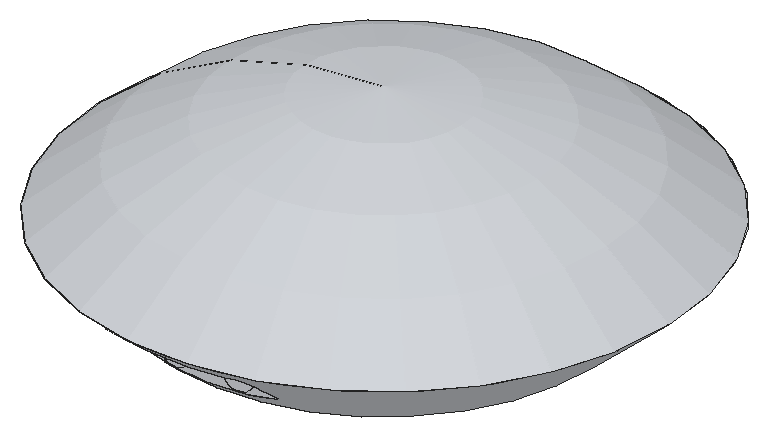
Revit family "0049005 Sylvania Lighting Fixture Start Surface IP66 1500lm 840 MW IK10 WHT", category Lighting Fixtures, host Face, Revit 2016
Family settings
  Host = Face
  Part Type = Normal
  Round Connector Dimension = Use Diameter
  OmniClass Number = 23.80.70.00
  OmniClass Title = Lighting
  Cut with Voids When Loaded = No
  Light Source = Yes
  Shared = No
  Room Calculation Point = No
Parameters (values of type "Type Name")
  power entry width = 90 mm
  power entry height = 28 mm
  power connector height = 12.5 mm
  power connector centres = 39 mm
  height = 110 mm
  connector position 2 = 40 mm
  connector length = 2 mm
  base height = 40 mm
  backplate diameter = 256 mm
  Weight = ""
  Wattage Comments = ""
  Wattage = 9.2903 W
  WarrantyStartDate [instance] = "n/a"
  WarrantyGuarantorParts = "n/a"
  WarrantyDurationUnit = "n/a"
  WarrantyDurationParts = "n/a"
  WarrantyDescription = "n/a"
  built-in parameter 1150110 = 1 (stored number, unit not read)
  Voltage = 0 V
  URL = "http://www.feilosylvania.com"
  TypeName = ""
  Type Image = <None>
  Type Comments = "n/a"
  Tube Diameter = 80 mm
  built-in parameter 1114217 = 1 (stored number, unit not read)
  Tilt Angle = 90.00°
  built-in parameter 1150109 = 1 (stored number, unit not read)
  built-in parameter 1150134 = 3
  built-in parameter 1150113 = 1 (stored number, unit not read)
  SerialNumber [instance] = "n/a"
  Photometric Web File = "0049004-300mA.ies"
  Material_3_FEILO = none
  PowerFactor = 0
  PowerConsumption = ""
  NominalLength = 0 mm
  NominalHeight = 0 mm
  NominalDepth = 0 mm
  Name = ""
  ModelReference = Name  # ""
  ModelNumber = ""
  Model = Name  # ""
  Material = ""
  ManufacturerName = "Feilo Sylvania"
  Manufacturer = "Feilo Sylvania"
  LuminousEfficacy = ""
  built-in parameter 1150105 = 109.82 (stored number, unit not read)
  Lumens = 1380 lm
  LuminaireType = ""
  built-in parameter 1150115 = 1 (stored number, unit not read)
  LightOutputRatio = ""
  built-in parameter 1150137 = (empty or 0)
  built-in parameter 1150139 = (empty or 0)
  LampsType = Lamp  # ""
  LampNominalLuminous = ""
  LampMacAdamStep = ""
  LampColourTemperature = ""
  LampColourRenderingIndex = ""
  built-in parameter 1150112 = 1 (stored number, unit not read)
  built-in parameter 1150114 = 1 (stored number, unit not read)
  Lamp = ""
  Keynote = "16500"
  InstallationDate [instance] = "n/a"
  InputVoltage = ""
  InputNominalFrequency = ""
  built-in parameter 1150132 = (empty or 0)
  built-in parameter 1150102 = (empty or 0)
  built-in parameter 1150107 = 3200 (stored number, unit not read)
  built-in parameter 1150138 = (empty or 0)
  IngressProtection = ""
  ImpactProtectionIndex = ""
  built-in parameter 1150106 = 1.0982 (stored number, unit not read)
  IfcExportType = "IfcLightFixtureType"
  IfcExportAs = "IfcLightFixtureType"
  Height = 250 mm
  ExpectedLife = 50000
  Emit from Circle Diameter = 609.6 mm
  Emit Shape Visible in Rendering = no
  ElectricShockClassification = ""
  built-in parameter 1150104 = 13.8 (stored number, unit not read)
  DurationUnit = "hours"
  DocumentationLiterature = ""
  DimmingControlOptions = ""
  Material_2_FEILO = none
  Dimming Lamp Color Temperature Shift = <None>
  Diameter = 350 mm
  Description = ""
  Default Elevation = 1219.2 mm
  CreatedOn = ""
  CreatedBy = ""
  Cost = 0
  Color Filter = 16777215
  built-in parameter 1114216 [instance] = (empty or 0)
  ClassificationValue = "EF_70_80"
  ClassificationName = "Uniclass2015"
  Material_1_FEILO = none
  BarCode [instance] = "n/a"
  built-in parameter 1114218 = 1 (stored number, unit not read)
  built-in parameter 1150133 = 10 (stored number, unit not read)
  AssetType = ""
  AssetIdentifier [instance] = "n/a"
  Assembly Code = "D5020200"
  Apparent Load = 0 VA
  Material_4_FEILO = none
Reference planes
  plane 1 "Center (Front/Back)": y = 0
  plane 2: z = 0
  plane 3 "Center (Left/Right)": x = 0
  plane 4: z = 0
  plane 5: y = 128
  plane 6: y = -128
  plane 7: y = 175
  plane 8: y = -175
  plane 9: z = 40
  plane 10: z = 110
  plane 11: x = -45.686
  plane 12: x = 44.314
  plane 13: z = 5
  plane 14: z = 33
  plane 15: y = -135
  plane 16: x = 19.5
  plane 17: x = -19.5
  plane 18: z = 20.5
  plane 19: y = -137
  plane 20: y = 135
Forms (mm)
  Blend 1, solid, detail levels medium+fine
    base sketch origin (4.2, 0, 0) x (1, 0, 0) y (0, 1, 0)
      loop
        circle (-4.2, 0) r 128
    top sketch origin (4.2, 0, 0) x (1, 0, 0) y (0, 1, 0)
      loop
        circle (-4.2, 0) r 175
    from 0 to 40
  Revolve 2, solid, detail levels medium+fine
    sketch origin (0, 0, 0) x (1, 0, 0) y (0, 0, 1)
      loop
        arc (175, 40) -> (94.148, 91.621) -> (0, 110) r 257.018
        line (0, 110) -> (0, 40) -> (175, 40)
      axis (0, 110) -> (0, 40)
    angle from -180 to 179.914
  Extrusion 3, void
    sketch origin (0, 0, 0) x (1, 0, 0) y (0, 0, 1)
      loop
        line (-45.686, 25.025) -> (-45.686, 5) -> (44.314, 5) -> (44.314, 25.025)
        arc (44.314, 25.025) -> (42.644, 30.018) -> (38.304, 33) r 8.297
        line (38.304, 33) -> (-39.676, 33)
        arc (-39.676, 33) -> (-44.015, 30.018) -> (-45.686, 25.025) r 8.297
    from 135 to 166.869
  Extrusion 4, solid, detail levels fine
    sketch origin (1524, -324.9, 1219.2) x (1, 0, 0) y (0, 0, 1)
      loop
        circle (-1504.5, -1198.7) r 11
      loop
        circle (-1543.5, -1198.7) r 11
    from -189.9 to -187.9
  Extrusion 5, void
    sketch origin (-0.686, -5.131, 0) x (-1, 0, 0) y (0, 0, 1)
      loop
        line (-45.686, 25.025) -> (-45.686, 5) -> (44.314, 5) -> (44.314, 25.025)
        arc (44.314, 25.025) -> (42.644, 30.018) -> (38.304, 33) r 8.297
        line (38.304, 33) -> (-39.676, 33)
        arc (-39.676, 33) -> (-44.015, 30.018) -> (-45.686, 25.025) r 8.297
    from 140.131 to 175.131
  Extrusion 6, solid
    sketch origin (1524, -52.9, 1219.2) x (1, 0, 0) y (0, 0, 1)
      loop
        circle (-1504.5, -1198.7) r 11
      loop
        circle (-1543.5, -1198.7) r 11
    from -189.9 to -187.9
  Extrusion 7, solid, detail levels coarse
    sketch origin (0, 1219.2, 38) x (1, 0, 0) y (0, 1, 0)
      loop
        line (175.117, -1396.13) -> (175.117, -1044.2) -> (-175, -1044.2) -> (-175, -1396.13) -> (175.117, -1396.13)
    from -38 to 72
Cuts and joins
  Extrusion 3, Extrusion 5 cuts Blend 1
  Extrusion 5 cuts Extrusion 4
Dimensions and locks
  "backplate diameter": plane 5 to plane 6
  equal spacing: plane 5, plane 1 "Center (Front/Back)", plane 6
  "Diameter": plane 7 to plane 8
  equal spacing: plane 7, plane 1 "Center (Front/Back)", plane 8
  "base height": plane 9 to level
  "height": plane 10 to host face
  "power entry width": plane 12 to plane 11
  plane 12 to imposter light to plane 11 = 44.201 mm, 45.799 mm
  "power entry height": plane 14 to plane 13
  "power connector centres": plane 17 to plane 16
  equal spacing: plane 17, plane 3 "Center (Left/Right)", plane 16
  "power connector height": plane 18 to plane 14
  "connector length": plane 15 to plane 19
  "connector position 2": plane 7 to plane 20
  aligned and locked: plane 2 to host face
  aligned and locked: level to host face
  aligned and locked: plane 10 to Extrusion 7
Automatic sketch dimensions
  host sketch curve to host sketch curve = 2438.4 mm  (x2)
  plane 1 "Center (Front/Back)" to Blend 1 sketch curve = 0 mm  (x2)
  Blend 1 sketch curve to plane 3 "Center (Left/Right)" = 0 mm  (x2)
  Revolve 2 sketch curve to plane 3 "Center (Left/Right)" = 0 mm  (x2)
  Revolve 2 sketch curve to plane 9 = 0 mm
  Revolve 2 sketch curve to plane 10 = 0 mm
  Revolve 2 sketch curve to plane 3 "Center (Left/Right)" = 1.306 mm
  plane 3 "Center (Left/Right)" to Revolve 2 sketch curve = 175 mm
  Revolve 2 sketch curve to level = 47.821 mm
  Revolve 2 sketch curve to Revolve 2 sketch curve = 80 mm
  Extrusion 3 sketch curve to plane 11 = 0 mm
  Extrusion 3 sketch curve to plane 14 = 0 mm
  Extrusion 3 sketch curve to plane 12 = 0 mm
  Extrusion 3 sketch curve to plane 13 = 0 mm
  plane 11 to Extrusion 3 sketch curve = 6.01 mm
  plane 18 to Extrusion 3 sketch curve = 4.525 mm  (x2)
  Extrusion 3 sketch curve to Extrusion 3 sketch curve = 8.297 mm
  plane 17 to Extrusion 4 sketch curve = 0 mm
  plane 16 to Extrusion 4 sketch curve = 0 mm
  Extrusion 4 sketch curve to plane 18 = 0 mm  (x2)
  Extrusion 5 sketch curve to plane 13 = 0 mm
  Extrusion 5 sketch curve to plane 14 = 0 mm
  plane 12 to Extrusion 5 sketch curve = 0.686 mm
  Extrusion 5 sketch curve to plane 12 = 5.324 mm
  plane 18 to Extrusion 5 sketch curve = 4.525 mm
  plane 11 to Extrusion 5 sketch curve = 8.982 mm
  plane 11 to Extrusion 5 sketch curve = 6.696 mm
  plane 11 to Extrusion 5 sketch curve = 0.686 mm
  plane 17 to Extrusion 6 sketch curve = 0 mm
  plane 16 to Extrusion 6 sketch curve = 0 mm
  Extrusion 6 sketch curve to plane 18 = 0 mm  (x2)
  Extrusion 7 sketch curve to plane 8 = 1.93 mm
  Extrusion 7 sketch curve to plane 11 = 129.314 mm
  plane 12 to Extrusion 7 sketch curve = 130.802 mm
  plane 5 to Extrusion 7 sketch curve = 47 mm
  radius of Blend 1 sketch curve = 128 mm
  radius of Blend 1 sketch curve = 175 mm
  radius of Extrusion 4 sketch curve = 11 mm  (x2)
  radius of Extrusion 6 sketch curve = 11 mm  (x2)
Connectors
  electrical at (19.5, 137, 20.5)
    settings: on Extrusion 6, index 1, voltage 0 V, apparent load 0 VA, apparent load phase1 0 VA, apparent load phase2 0 VA, apparent load phase3 0 VA, power factor 1, load classification "Other", number of poles 1, system type 31, power factor state 1, is connector primary yes, connector utility no, sub classification motor no, connector description ""
